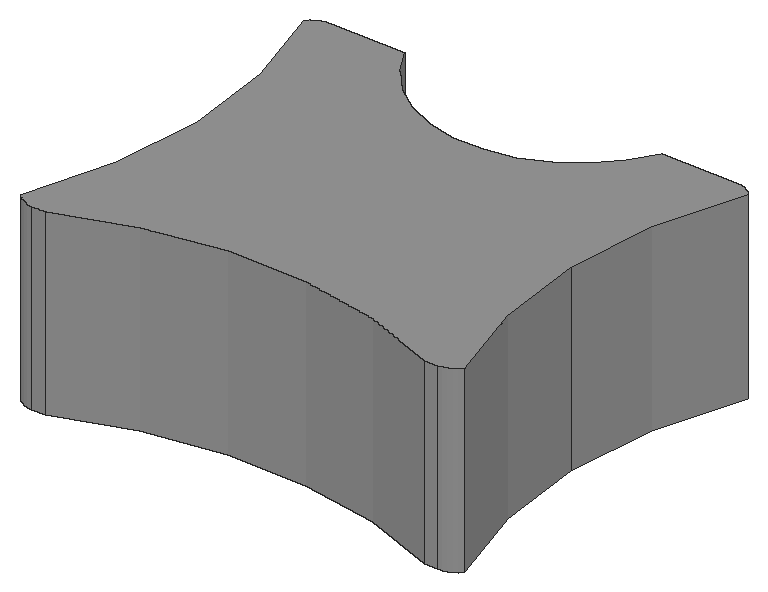
Revit family "Kødben uden wire35-40-50", category Generic Models, Revit 2019
Family settings
  Can host rebar = No
  Round Connector Dimension = Use Diameter
  Part Type = Normal
  Work Plane-Based = Yes
  Always vertical = No
  Cut with Voids When Loaded = No
  Shared = No
  Room Calculation Point = No
Parameters
  concrete = GFRC
  Width = 55 mm
  Website Link = "https://haucon.dk/produkt/fiberbetonafstandsklods/#variations"
  Top Curve R = 17 mm
  Top Curve = 7 mm
  Thickness = 22 mm
  Test Report Sheet = "https://haucon.dk/wp-content/uploads/2016/04/1121005-FIBERBETONAFSTANDSKLODS-TEST-ENG-1.pdf"
  Technical Data Sheet = "https://haucon.dk/wp-content/uploads/2016/04/1121005-Fiberbetonafstandsklods-TDS-ENG.pdf"
  Side Curve R = 55 mm
  Side Curve = 50 mm
  Height = 45 mm
  Default Elevation = 1219.2 mm
  Bottom Curve = 50 mm
Reference planes
  plane 1 "Center (Front/Back)": y = 0
  plane 2: z = 0
  plane 3 "Center (Left/Right)": x = 0
  plane 4: y = 45
  plane 5: x = 27.5
  plane 6: x = -27.5
  plane 7: x = 77.5
  plane 8: x = -77.5
  plane 9: y = 52
  plane 10: y = 22.5
  plane 11: y = -50
  plane 12: z = 22
  plane 13: z = 11
Forms (mm)
  Extrusion 1, solid, material "Concrete, Cast in Situ, Lightweight"
    sketch origin (0, 0, 0) x (1, 0, 0) y (0, 1, 0)
      loop
        arc (-27.5, 3) -> (-26.621, 0.879) -> (-24.5, 0) r 3
        line (-24.5, 0) -> (24.463, 0)
        arc (24.463, 0) -> (26.611, 0.889) -> (27.5, 3.037) r 3.037
        line (27.5, 3.037) -> (27.5, 41.972)
        arc (27.5, 41.972) -> (26.613, 44.113) -> (24.472, 45) r 3.028
        line (24.472, 45) -> (-24.512, 45)
        arc (-24.512, 45) -> (-26.625, 44.125) -> (-27.5, 42.012) r 2.988
        line (-27.5, 42.012) -> (-27.5, 3)
    from 0 to 22
  Extrusion 2, void
    sketch origin (0, 0, 0) x (1, 0, 0) y (0, 1, 0)
      loop
        circle (77.5, 22.5) r 55
    from 0 to 25
  Extrusion 3, void
    sketch origin (0, 0, 0) x (1, 0, 0) y (0, 1, 0)
      loop
        circle (-77.5, 22.5) r 55
    from 0 to 25
  Extrusion 4, void
    sketch origin (0, 0, 0) x (1, 0, 0) y (0, 1, 0)
      loop
        circle (0, -50) r 55
    from 0 to 25
  Extrusion 5, void
    sketch origin (0, 0, 0) x (1, 0, 0) y (0, 1, 0)
      loop
        circle (0, 52) r 17
    from 0 to 25
Cuts and joins
  Extrusion 2, Extrusion 3, Extrusion 4, Extrusion 5 cuts Extrusion 1
Dimensions and locks
  equal spacing: plane 6, plane 3 "Center (Left/Right)", plane 5
  "Width": plane 6 to plane 5
  "Height": plane 1 "Center (Front/Back)" to plane 4
  "Side Curve": plane 8 to plane 6
  "Side Curve": plane 5 to plane 7
  "Top Curve": plane 9 to plane 4
  equal spacing: plane 4, plane 10, plane 1 "Center (Front/Back)"
  "Bottom Curve": plane 11 to plane 1 "Center (Front/Back)"
  equal spacing: plane 12, plane 13, level
  "Thickness": plane 12 to level
  "Side Curve R": radius of Extrusion 2 sketch curve
  "Side Curve R": radius of Extrusion 3 sketch curve
  "Side Curve R": radius of Extrusion 4 sketch curve
  "Top Curve R": radius of Extrusion 5 sketch curve
  aligned and locked: level to plane 2
  aligned and locked: Extrusion 1 sketch curve to plane 4
  aligned and locked: plane 6 to Extrusion 1 sketch curve
  aligned and locked: Extrusion 1 sketch curve to plane 5
  aligned and locked: Extrusion 1 sketch curve to plane 1 "Center (Front/Back)"
  aligned and locked: plane 10 to Extrusion 2 sketch curve
  aligned and locked: plane 7 to Extrusion 2 sketch curve
  aligned and locked: plane 8 to Extrusion 3 sketch curve
  aligned and locked: plane 10 to Extrusion 3 sketch curve
  aligned and locked: plane 11 to Extrusion 4 sketch curve
  aligned and locked: plane 3 "Center (Left/Right)" to Extrusion 4 sketch curve
  aligned and locked: plane 9 to Extrusion 5 sketch curve
  aligned and locked: plane 3 "Center (Left/Right)" to Extrusion 5 sketch curve
  aligned and locked: plane 12 to cut or joined group of Extrusion 1, Extrusion 2, Extrusion 3, Extrusion 4, Extrusion 5
Automatic sketch dimensions
  Extrusion 1 sketch curve to plane 4 = 2.988 mm
  Extrusion 1 sketch curve to plane 1 "Center (Front/Back)" = 3 mm
  Extrusion 1 sketch curve to plane 5 = 3.037 mm
  Extrusion 1 sketch curve to plane 4 = 3.028 mm
